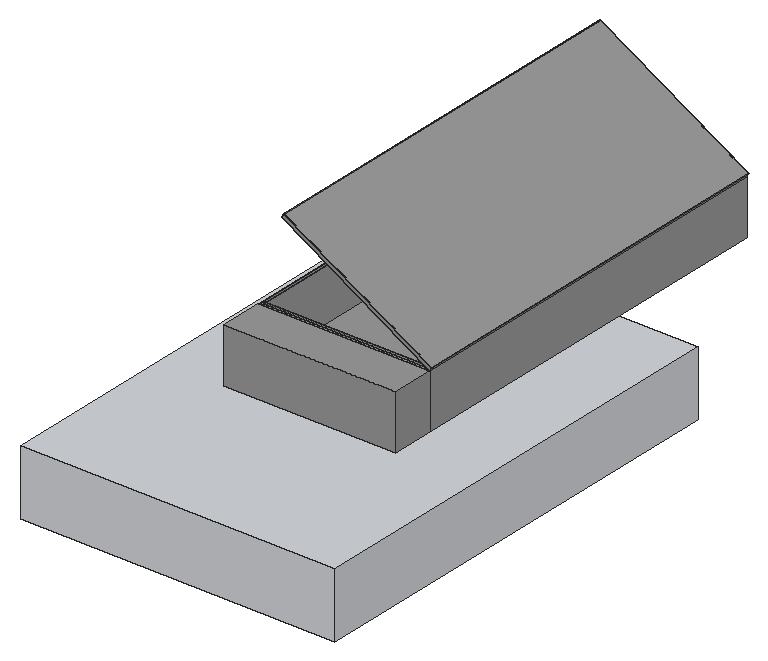
Revit family "Hager-Univers-IP55-D275-H2050-Cl.II-Steel_encl-PL-pl", category Equipement électrique, Revit 2020
Family settings
  Hôte = Face
  Configuration du panneau = Deux colonnes, circuits au sein
  Cote de connecteur circulaire = Utiliser le diamètre
  Type d'élément = Tableau de raccordement
  Couper avec des vides une fois chargée = Non
  Partagée = Non
  Point de calcul de pièce = Non
Parameters (values of type "Montaż podłogowy IP55 S800 W2050 G275  - FR23S2")
  Width Control [instance] = if([EF000008 - Szerokość] > Min Width, [EF000008 - Szerokość], Min Width)  # 800 mm
  Commentaires du type = [HG000003 - Zakres]  # "Univers"
  Thickness Door [instance] = if([EF009171 - Drzwi/pokrywa z materiału o wysokiej wytrzymałości mechanicznej] > 3 mm, 3 mm, [EF009171 - Drzwi/pokrywa z materiału o wysokiej wytrzymałości mechanicznej])  # 1.5 mm
  Seal Frame Offset [instance] = 17 mm  # constant formula
  Plinth Visibility [instance] = [HG000027 - Wysokość cokołu] > 0 mm  # yes
  Model = ""
  Min Width [instance] = 100 mm  # constant formula
  Min Height [instance] = 100 mm  # constant formula
  Min Depth [instance] = (2 * [EF009170 - Obudowa z materiału o wysokiej wytrzymałości mechanicznej]) + 1 mm  # 4 mm
  Internal Frame Depth [instance] = (Door System Depth * 0.5)  # 9 mm
  Height Control [instance] = if([EF000040 - Wysokość] > Min Height, [EF000040 - Wysokość], Min Height)  # 2050 mm
  HG000027 - Wysokość cokołu = 200 mm
  HG000026 - Stojąca = yes
  HG000024 - Wysokość części dolnej = 800 mm
  HG000023 - Obudowa dwusekcyjna = no
  HG000016 - Widoczność drzwi w widoku 3D [instance] = yes
  HG000015 - Przestrzeń robocza - otwarcie drzwi [instance] = no
  HG000014 - Drzwi prawe [instance] = yes
  HG000013 - Drzwi lewe [instance] = not([HG000014 - Drzwi prawe])  # no
  HG000012 - Kąt otwarcia drzwi [instance] = 30.00°
  HG000010 - Drzwi asymetryczne = no
  HG000009 - Drzwi dwuskrzydłowe = no
  HG000006 - Montaż podtynkowy = no
  HG000004 - Referencja producenta = "FR23S2"
  HG000003 - Zakres = "Univers"
  HG000002 - Z drzwiami lub pokrywą = yes
  Frame Offset Bottom [instance] = 10 mm  # constant formula
  Frame Offset [instance] = 15 mm  # constant formula
  EF015940 - Pokrywa z wyzwalaczem nadciśnieniowym = no
  EF011959 - Stopień ochrony (NEMA) = ""
  EF009554 - Liczba otworów pod flansze = 6
  Fabricant = "Hager"  # constant formula
  EF009212 - Wykonanie pokrywy = "EV000116 - Zamknięty"
  EF009171 - Drzwi/pokrywa z materiału o wysokiej wytrzymałości mechanicznej = 1.5 mm
  EF009170 - Obudowa z materiału o wysokiej wytrzymałości mechanicznej = 1.5 mm
  EF008873 - Prąd znamionowy (In) = 800 A
  EF007800 - Do ochrony odgromowej = no
  EF006306 - Z zamkiem = no
  EF006244 - Transparentna pokrywa/drzwi = no
  EF005474 - Stopień ochrony (IP) = "EV006420 - IP55"
  EF004464 - Rodzaj drzwi = "EV002646 - Pojedynczy"
  EF004427 - Liczba modułów = 432
  EF004293 - Odporność udarowa = "EV008784 - IK10"
  EF003532 - Do zastosowań zewnętrznych = no
  EF002950 - Szerokość wyrażona liczbą modułów = 24
  EF001613 - Podtrzymanie funkcji = "EV000494 - Brak"
  EF001596 - Materiał obudowy = "EV000179 - Stal"
  EF001131 - Głębokość wewnętrzna = 275 mm
  EF001088 - Możliwość rozbudowy = yes
  EF000437 - Liczba wejść kablowych = 6
  EF000339 - Rodzaj pokrywy = "EV004216 - Drzwi"
  EF000266 - Liczba rzędów = 12
  EF000218 - Głębokość wbudowania = 0 mm
  EF000118 - Z płytą montażową = no
  EF000116 - Numer RAL = "7035"
  EF000049 - Głębokość = 275 mm
  EF000040 - Wysokość = 2050 mm
  EF000008 - Szerokość = 800 mm
  EF000007 - Kolor = "EV000270 - Szary"
  EF000003 - Sposób montażu = "EV012274 - Montaż podłogowy"
  Door System Leaf Tolerance [instance] = 1.5 mm  # constant formula
  Door System Depth [instance] = 18 mm  # constant formula
  Door Height [instance] = Height Control - [HG000027 - Wysokość cokołu]  # 1850 mm
  Depth Control [instance] = if([EF000049 - Głębokość] > Min Depth, [EF000049 - Głębokość], Min Depth)  # 275 mm
  Default Elevation = 0 mm
  Connector Offset [instance] = Height Control / 2  # 1025 mm
  Bottom Top Plate Trim [instance] = 1.5 mm  # constant formula
  Plinth height Ctrl [instance] = if([HG000027 - Wysokość cokołu] > 0 mm, [HG000027 - Wysokość cokołu], 12 mm)  # 200 mm
Types (11, lengths in mm): name | Width Control | HG000010 - Drzwi asymetryczne | HG000009 - Drzwi dwuskrzydłowe | HG000004 - Referencja producenta | EF009554 - Liczba otworów pod flansze | EF006244 - Transparentna pokrywa/drzwi | EF004464 - Rodzaj drzwi | EF004427 - Liczba modułów | EF000437 - Liczba wejść kablowych | EF000008 - Szerokość
  Montaż podłogowy IP55 S1050 W2050 G275  - FR24L2 | 1050 | yes | yes | "FR24L2" | 8 | yes | "EV003602 - Podwójny" | 576 | 8 | 1050
  Montaż podłogowy IP55 S1050 W2050 G275  - FR24S2 | 1050 | yes | yes | "FR24S2" | 8 | no | "EV003602 - Podwójny" | 576 | 8 | 1050
  Montaż podłogowy IP55 S1300 W2050 G275  - FR25L2 | 1300 | yes | yes | "FR25L2" | 10 | yes | "EV003602 - Podwójny" | 720 | 10 | 1300
  Montaż podłogowy IP55 S1300 W2050 G275  - FR25S2 | 1300 | yes | yes | "FR25S2" | 10 | no | "EV003602 - Podwójny" | 720 | 10 | 1300
  Montaż podłogowy IP55 S1550 W2050 G275  - FR26L2 | 1550 | yes | yes | "FR26L2" | 12 | yes | "EV003602 - Podwójny" | 864 | 12 | 1550
  Montaż podłogowy IP55 S1550 W2050 G275  - FR26S2 | 1550 | yes | yes | "FR26S2" | 12 | no | "EV003602 - Podwójny" | 864 | 12 | 1550
  Montaż podłogowy IP55 S300 W2050 G275  - FR21S2 | 300 | no | no | "FR21S2" | 2 | no | "EV002646 - Pojedynczy" | 144 | 2 | 300
  Montaż podłogowy IP55 S550 W2050 G275  - FR22L2 | 550 | no | no | "FR22L2" | 4 | yes | "EV002646 - Pojedynczy" | 288 | 4 | 550
  Montaż podłogowy IP55 S550 W2050 G275  - FR22S2 | 550 | no | no | "FR22S2" | 4 | no | "EV002646 - Pojedynczy" | 288 | 4 | 550
  Montaż podłogowy IP55 S800 W2050 G275  - FR23L2 | 800 | no | no | "FR23L2" | 6 | yes | "EV002646 - Pojedynczy" | 432 | 6 | 800
  Montaż podłogowy IP55 S800 W2050 G275  - FR23S2 | 800 | no | no | "FR23S2" | 6 | no | "EV002646 - Pojedynczy" | 432 | 6 | 800
Reference planes
  plane 1 "Center (Front/Back)": y = 0
  plane 2: z = 0
  plane 3 "Center (Left/Right)": x = 0
  plane 4: z = 275
  plane 5: y = 201.5
  plane 6: y = 1125
  plane 7: y = 200
  plane 8: y = 2050
  plane 9: z = 0
  plane 10: x = -385
  plane 11: x = 385
  plane 12: x = 383.5
  plane 13: x = -383.5
  plane 14: y = 2048.5
  plane 15: x = -383
  plane 16: x = -400
  plane 17: x = 383
  plane 18: x = 400
  plane 19: x = 398.5
  plane 20: x = -398.5
  plane 21: y = 211.5
  plane 22: y = 2050
  plane 23: y = 2033.5
  plane 24: z = 257
  plane 25: z = 1.5
  plane 26: z = 255.5
  plane 27: z = 273.5
Forms (mm)
  Extrusion 1, solid
    sketch origin (0, 0, 0) x (1, 0, 0) y (0, 1, 0)
      loop
        line (-702.964, 1305) -> (-702.964, -811.445) -> (766.763, -811.445) -> (766.763, 1305) -> (-702.964, 1305)
    from 0 to -304.8
  Extrusion 2, solid, material "Hager_Steel_RAL7035_Light_Grey", visible <- "Plinth Visibility", detail levels medium+fine
    sketch origin (0, 0, 0) x (1, 0, 0) y (0, 1, 0)
      loop
        line (-400, 0) -> (400, 0) -> (400, 200) -> (-400, 200) -> (-400, 0)
    from 0 to 257
  Extrusion 3, solid, material "Hager_Steel_RAL7035_Light_Grey", detail levels medium+fine
    sketch origin (0, 0, 0) x (1, 0, 0) y (0, 1, 0)
      loop
        line (-400, 200) -> (400, 200) -> (400, 2050) -> (-400, 2050) -> (-400, 200)
    from 0 to 257
  Extrusion 4, void
    sketch origin (0, 0, 0) x (1, 0, 0) y (0, 1, 0)
      loop
        line (-398.5, 201.5) -> (398.5, 201.5) -> (398.5, 2048.5) -> (-398.5, 2048.5) -> (-398.5, 201.5)
    from 1.5 to 255.5
  Extrusion 5, void
    sketch origin (-381.607, -4572, 257) x (0, -1, 0) y (-1, 0, 0)
      loop
        line (-4783.5, 1.893) -> (-6605.5, 1.893) -> (-6605.5, -765.107) -> (-4783.5, -765.107) -> (-4783.5, 1.893)
    from 0 to 1.5 <- "EF009170 - Obudowa z materiału o wysokiej wytrzymałości mechanicznej"
  Extrusion 6, solid, material "Hager_Steel_RAL7035_Light_Grey", detail levels fine
    sketch origin (0, 0, 257) x (1, 0, 0) y (0, 1, 0)
      loop
        line (-383.5, 2033.5) -> (-383.5, 211.5) -> (383.5, 211.5) -> (383.5, 2033.5) -> (-383.5, 2033.5)
      loop
        line (-385, 210) -> (385, 210) -> (385, 2035) -> (-385, 2035) -> (-385, 210)
    from 0 to 9 <- "Internal Frame Depth"
  Extrusion 7, solid, material "Hager_Steel_RAL7035_Light_Grey", detail levels coarse
    sketch origin (0, 0, 0) x (1, 0, 0) y (0, 1, 0)
      loop
        line (-400, 0) -> (400, 0) -> (400, 2050) -> (-400, 2050) -> (-400, 0)
    from 0 to 275
  Sweep 8, void
    path in 3D
      loop
        line (-400, 200, 0) -> (400, 200, 0) -> (400, 200, 257) -> (-400, 200, 257) -> (-400, 200, 0)
    profile origin (-400, 200, 128.5) x (-1, 0, 0) y (0, -1, 0)
      loop
        line (0, 0) -> (0, 1.5) -> (-1.5, 1.5)
        arc (-1.5, 1.5) -> (-1.061, 0.439) -> (0, 0) r 1.5
Cuts and joins
  Extrusion 4, Extrusion 5 cuts Extrusion 3
  Sweep 8 cuts Extrusion 2
Lines and regions (mm)
  Masking region 1
    outline origin (0, 0, 0) x (1, 0, 0) y (0, 0, 1)
      loop
        line (-400, 275) -> (-400, 0) -> (400, 0) -> (400, 275) -> (-400, 275)
  Masking region 2, detail levels medium+fine
    outline origin (0, 140, 0) x (0, 1, 0) y (0, 0, 1)
      loop
        line (60, 0) -> (1910, 0) -> (1910, 257) -> (60, 257) -> (60, 0)
  Masking region 3, not visible, detail levels medium+fine
    outline origin (0, 297.922, 0) x (0, 1, 0) y (0, 0, 1)
      loop
        line (838.578, 0) -> (878.578, 0) -> (878.578, 263.5)
        arc (878.578, 263.5) -> (875.649, 270.571) -> (868.578, 273.5) r 10
        line (868.578, 273.5) -> (838.578, 273.5) -> (838.578, 0)
  Masking region 4, detail levels coarse
    outline origin (0, 0, 180) x (0, 1, 0) y (0, 0, 1)
      loop
        line (0, -180) -> (2050, -180) -> (2050, 95) -> (0, 95) -> (0, -180)
  Masking region 5, visible <- "Plinth Visibility", detail levels medium+fine
    outline origin (0, 52.24, 12.345) x (0, 0, -1) y (0, 1, 0)
      loop
        line (10.845, 147.76) -> (-243.155, 147.76)
        arc (-243.155, 147.76) -> (-243.594, 146.699) -> (-244.655, 146.26) r 1.5
        line (-244.655, 146.26) -> (-244.655, -52.24) -> (12.345, -52.24) -> (12.345, 146.26)
        arc (12.345, 146.26) -> (11.285, 146.699) -> (10.845, 147.76) r 1.5
  Masking region 6, detail levels medium+fine
    outline origin (-381.607, -4572, 257) x (-1, 0, 0) y (0, -1, 0)
      loop
        line (18.393, -6622) -> (18.393, -4772) -> (-781.607, -4772) -> (-781.607, -6622) -> (18.393, -6622)
  Masking region 7, visible <- "Plinth Visibility", detail levels medium+fine
    outline origin (-381.607, -4727, 257) x (-1, 0, 0) y (0, -1, 0)
      loop
        arc (16.893, -4927) -> (17.332, -4925.939) -> (18.393, -4925.5) r 1.5
        line (18.393, -4925.5) -> (18.393, -4727) -> (-781.607, -4727) -> (-781.607, -4925.5)
        arc (-781.607, -4925.5) -> (-780.546, -4925.939) -> (-780.107, -4927) r 1.5
        line (-780.107, -4927) -> (16.893, -4927)
  Masking region 8, detail levels coarse
    outline origin (-442.548, -4669.526, 257) x (-1, 0, 0) y (0, -1, 0)
      loop
        line (-42.548, -6719.526) -> (-42.548, -4669.526) -> (-842.548, -4669.526) -> (-842.548, -6719.526) -> (-42.548, -6719.526)
  sketch lines
    curve 1: line (-400, 200, 257) -> (-400, 200, 0)
    curve 2: line (400, 200, 257) -> (-400, 200, 257)
    curve 3: line (400, 200, 257) -> (400, 200, 0)
    curve 4: line (-400, 200, 0) -> (400, 200, 0)
Dimensions and locks
  "Depth Control": plane 4 to Extrusion 1
  "HG000027 - Wysokość cokołu": plane 1 "Center (Front/Back)" to plane 7
  "EF009170 - Obudowa z materiału o wysokiej wytrzymałości mechanicznej": plane 5 to plane 7
  locked: connector elem to plane 3 "Center (Left/Right)"
  equal spacing: plane 8, plane 6, plane 7
  locked: connector elem to plane 6
  "EF009170 - Obudowa z materiału o wysokiej wytrzymałości mechanicznej": plane 8 to plane 14
  "EF009170 - Obudowa z materiału o wysokiej wytrzymałości mechanicznej": plane 10 to plane 13
  "EF009170 - Obudowa z materiału o wysokiej wytrzymałości mechanicznej": plane 12 to plane 11
  "Frame Offset": plane 20 to plane 13
  "Frame Offset": plane 12 to plane 19
  "EF009170 - Obudowa z materiału o wysokiej wytrzymałości mechanicznej": plane 16 to plane 20
  "EF009170 - Obudowa z materiału o wysokiej wytrzymałości mechanicznej": plane 19 to plane 18
  "Seal Frame Offset": plane 16 to plane 15
  "Seal Frame Offset": plane 17 to plane 18
  "Frame Offset Bottom": plane 21 to plane 5
  "Frame Offset": plane 14 to plane 23
  equal spacing: plane 16, plane 3 "Center (Left/Right)", plane 18
  "Width Control": plane 16 to plane 18
  "EF009170 - Obudowa z materiału o wysokiej wytrzymałości mechanicznej": plane 4 to plane 27
  "EF009170 - Obudowa z materiału o wysokiej wytrzymałości mechanicznej": plane 24 to plane 26
  "EF009170 - Obudowa z materiału o wysokiej wytrzymałości mechanicznej": plane 25 to level
  "Door System Depth": plane 4 to plane 24
  "Height Control": plane 1 "Center (Front/Back)" to Extrusion 7 sketch curve
  "Height Control": Masking region 4 sketch curve to plane 1 "Center (Front/Back)"
  "Height Control": plane 1 "Center (Front/Back)" to plane 22
  "Bottom Top Plate Trim": profile plane to Sweep 8 sketch curve
  "Bottom Top Plate Trim": Sweep 8 sketch curve to profile plane
  "Plinth height Ctrl": plane 1 "Center (Front/Back)" to Extrusion 2 sketch curve
  "Plinth height Ctrl": Masking region 5 sketch curve to plane 1 "Center (Front/Back)"
  "Plinth height Ctrl": plane 1 "Center (Front/Back)" to Masking region 7 sketch curve
  "Thickness Door": Extrusion 6 sketch curve to Extrusion 6 sketch curve  (x3)
  "Thickness Door": cut or joined group of Extrusion 3, Extrusion 4, Extrusion 5 to Extrusion 6 sketch curve
  radius of Masking region 3 sketch curve = 10 mm
  "Bottom Top Plate Trim": radius of Masking region 5 sketch curve  (x2)
  "Bottom Top Plate Trim": radius of Sweep 8 sketch curve
  "Bottom Top Plate Trim": radius of Masking region 7 sketch curve  (x2)
  aligned and locked: plane 2 to Extrusion 1
  aligned and locked: level to Extrusion 1
  aligned and locked: level to Masking region 1 sketch curve
  aligned and locked: Masking region 1 sketch curve to plane 18
  aligned and locked: Masking region 1 sketch curve to plane 16
  aligned and locked: plane 7 to Masking region 2 sketch curve
  aligned and locked: level to Masking region 3 sketch curve
  aligned and locked: Masking region 3 sketch curve to plane 27
  aligned and locked: level to Masking region 2 sketch curve
  aligned and locked: plane 1 "Center (Front/Back)" to Extrusion 2 sketch curve
  aligned and locked: Extrusion 3 sketch curve to plane 7
  aligned and locked: plane 16 to Extrusion 3 sketch curve
  aligned and locked: plane 18 to Extrusion 3 sketch curve
  aligned and locked: plane 20 to Extrusion 4 sketch curve
  aligned and locked: plane 19 to Extrusion 4 sketch curve
  aligned and locked: Extrusion 4 sketch curve to plane 5
  aligned and locked: Extrusion 4 to plane 25
  aligned and locked: plane 26 to Extrusion 4
  aligned and locked: plane 24 to Extrusion 3
  aligned and locked: Extrusion 5 sketch curve to plane 21
  aligned and locked: Extrusion 5 sketch curve to plane 13
  aligned and locked: Extrusion 5 sketch curve to plane 12
  aligned and locked: plane 18 to Extrusion 7 sketch curve
  aligned and locked: plane 1 "Center (Front/Back)" to Extrusion 7 sketch curve
  aligned and locked: plane 16 to Extrusion 7 sketch curve
  aligned and locked: plane 4 to Extrusion 7
  aligned and locked: Extrusion 7 to level
  aligned and locked: level to Masking region 4 sketch curve
  aligned and locked: Masking region 4 sketch curve to plane 1 "Center (Front/Back)"
  aligned and locked: Masking region 4 sketch curve to plane 4
  aligned and locked: nested 1 to level
  aligned and locked: nested 1 to plane 16
  aligned and locked: plane 8 to Extrusion 3 sketch curve
  aligned and locked: plane 23 to Extrusion 5 sketch curve
  aligned and locked: plane 14 to Extrusion 4 sketch curve
  aligned and locked: Masking region 2 sketch curve to plane 8
  aligned and locked: level to Masking region 5 sketch curve
  aligned and locked: plane 16 to Extrusion 2 sketch curve
  aligned and locked: plane 18 to Extrusion 2 sketch curve
  aligned and locked: Masking region 5 sketch curve to plane 24
  aligned and locked: Masking region 2 sketch curve to plane 24
  aligned and locked: plane 24 to Extrusion 2
  aligned and locked: profile plane to Sweep 8 sketch curve  (x2)
  aligned and locked: Masking region 6 sketch curve to plane 18
  aligned and locked: Masking region 6 sketch curve to plane 22
  aligned and locked: Masking region 6 sketch curve to plane 16
  aligned and locked: plane 8 to plane 22
  aligned and locked: Masking region 6 sketch curve to plane 7
  aligned and locked: Masking region 7 sketch curve to plane 16
  aligned and locked: Masking region 7 sketch curve to plane 1 "Center (Front/Back)"
  aligned and locked: Masking region 7 sketch curve to plane 18
  aligned and locked: Masking region 8 sketch curve to plane 1 "Center (Front/Back)"
  aligned and locked: Masking region 8 sketch curve to plane 18
  aligned and locked: Masking region 8 sketch curve to plane 22
  aligned and locked: Masking region 8 sketch curve to plane 16
  aligned and locked: nested 2 to plane 7
  aligned and locked: plane 3 "Center (Left/Right)" to nested 2
  aligned and locked: nested 2 to plane 24
  aligned and locked: Extrusion 6 sketch curve to cut or joined group of Extrusion 3, Extrusion 4, Extrusion 5  (x4)
Automatic sketch dimensions
  Extrusion 1 sketch curve to Extrusion 1 sketch curve = 1469.727 mm
  Extrusion 1 sketch curve to Extrusion 1 sketch curve = 2116.445 mm
  Masking region 1 sketch curve to plane 4 = 0 mm
  plane 6 to Masking region 3 sketch curve = 11.5 mm
  Masking region 3 sketch curve to Masking region 3 sketch curve = 30 mm
  Masking region 5 sketch curve to plane 1 "Center (Front/Back)" = 0 mm
Nested families
  nested 1: "Hager_Enclosure_Symbol" at (-400, 0, 0) x (1, 0, 0) z (0, -1, 0), Height <- "Depth Control", Width <- "Width Control", type "Hager_Enclosure_Symbol"
    with Width_Ctrl 800 mm, Width 800 mm, Height_Ctrl 275 mm, Height 275 mm, A_Width_Int 18.047 mm, A_Width 216.562 mm, A_Height_Ctrl 240.625 mm, A_Height 240.625 mm
  nested 2: "EC000058_Univers_Door" at (0, 200, 257) x (1, 0, 0) z (0, 1, 0), Leaf_Tolerance <- "Door System Leaf Tolerance", Angle <- "HG000012 - Kąt otwarcia drzwi", Door_Depth <- "Door System Depth", Door_Left <- "HG000013 - Drzwi lewe", Transparent <- "EF006244 - Transparentna pokrywa/drzwi", Assymetrical <- "HG000010 - Drzwi asymetryczne", Width <- "Width Control", Clearance <- "HG000015 - Przestrzeń robocza - otwarcie drzwi", Double <- "HG000009 - Drzwi dwuskrzydłowe", 3d_Door <- "HG000016 - Widoczność drzwi w widoku 3D", Lock_Visibility <- "EF006306 - Z zamkiem", Width_Ctrl <- "Width Control", Door_Right <- "HG000014 - Drzwi prawe", Door <- "HG000002 - Z drzwiami lub pokrywą", Height <- "Door Height", Thickness <- "Thickness Door", type "EC000058_Univers_Door", detail levels medium+fine
    with min_wh 4 mm, Width_Ctrl 800 mm, Width 800 mm, Transparent no, Thickness 1.5 mm, Seal_Material Hager_Rubber, Lock_Visibility no, Lock_Material Hager_Plastic_RAL9005_Jet_Black, Leaf_Width 800 mm, Leaf_Tolerance_External_Sides 0 mm, Leaf_Tolerance 1.5 mm, Leaf_Offset 0 mm, Leaf_Height 1847 mm, Leaf_2_Width 800 mm, Leaf_2_Offset 400 mm, Leaf_1_Width 800 mm, Leaf_1_Offset 400 mm, Height_Ctrl 1850 mm, Height 1850 mm, Glass_Material Hager_Glass, Double_Clearance_Ctrl no, Double no, Door_Right_Ctrl yes, Door_Right yes, Door_Material Hager_Steel_RAL7035_Light_Grey, Door_Left_Ctrl no, Door_Left no, Door_Depth 18 mm, Door yes, Clearance_Material Hager_Clearance, Clearance_Depth 800 mm, Clearance_Ctrl no, Clearance no, Assymetrical no, Angle 30.00°, 3d_Door yes
Connectors
  electrical at (0, 1125, 0)
    settings: on plane 9, index 1, voltage 0 V, apparent load 0 VA, apparent load phase1 0 VA, apparent load phase2 0 VA, apparent load phase3 0 VA, power factor 1, load classification "Other", number of poles 1, system type 30, power factor state 1, is connector primary yes, connector utility no, sub classification motor no, connector description ""
Definition of nested family "EC000058_Univers_Door"
  Parameters (values of type "EC000058_Univers_Door")
    min_wh [instance] = (2 * Thickness) + 1 mm  # 11 mm
    Width_Ctrl [instance] = 400 mm
    Width [instance] = 500 mm
    Transparent [instance] = yes
    Thickness [instance] = 5 mm
    Seal_Material [instance] = none
    Lock_Visibility [instance] = yes
    Lock_Material [instance] = none
    Leaf_Width [instance] = if((Width_Ctrl - 2 * Leaf_Tolerance_External_Sides) > 0 mm, (Width_Ctrl - 2 * Leaf_Tolerance_External_Sides), min_wh)  # 400 mm
    Leaf_Tolerance_External_Sides [instance] = 0 mm  # constant formula
    Leaf_Tolerance [instance] = 1.5 mm
    Leaf_Offset [instance] = 0 mm  # constant formula
    Leaf_Height [instance] = if((Height_Ctrl - 2 * Leaf_Tolerance) > 0 mm, (Height_Ctrl - 2 * Leaf_Tolerance), min_wh)  # 497 mm
    Leaf_2_Width [instance] = if(and(and(Double, Assymetrical), Door_Left), (Leaf_Width / 3) - (Leaf_Tolerance / 2), if(and(and(Double, Assymetrical), Door_Right), (Leaf_Width / 3) * 2 - (Leaf_Tolerance / 2), if(and(Double, not(Assymetrical)), (Leaf_Width / 2) - Leaf_Tolerance, Leaf_Width)))  # 400 mm
    Leaf_2_Offset [instance] = if(and(Double, Assymetrical), Leaf_2_Width / 2, if(and(Double, not(Assymetrical)), Leaf_Width / 4, Leaf_Width / 2))  # 200 mm
    Leaf_1_Width [instance] = if(and(and(Double, Assymetrical), Door_Right), (Leaf_Width / 3) - (Leaf_Tolerance / 2), if(and(and(Double, Assymetrical), Door_Left), (Width / 3) * 2 - (Leaf_Tolerance / 2), if(and(Double, not(Assymetrical)), (Leaf_Width / 2) - Leaf_Tolerance, Leaf_Width)))  # 400 mm
    Leaf_1_Offset [instance] = if(and(Double, Assymetrical), Leaf_1_Width / 2, if(and(Double, not(Assymetrical)), Leaf_Width / 4, Leaf_Width / 2))  # 200 mm
    Height_Ctrl [instance] = if(Height > min_wh, Height, min_wh)  # 500 mm
    Height [instance] = 500 mm
    Glass_Material [instance] = none
    Double_Clearance_Ctrl [instance] = and(Double, Clearance)  # no
    Double [instance] = no
    Door_Right_Ctrl [instance] = and(or(Door_Right, Double), Door)  # yes
    Door_Right [instance] = yes
    Door_Material [instance] = none
    Door_Left_Ctrl [instance] = and(or(Door_Left, Double), Door)  # no
    Door_Left [instance] = no
    Door_Depth [instance] = 30 mm
    Door [instance] = yes
    Default Elevation = 1219.2 mm
    Clearance_Material [instance] = none
    Clearance_Depth [instance] = if(Leaf_1_Width > Leaf_2_Width, Leaf_1_Width, Leaf_2_Width)  # 400 mm
    Clearance_Ctrl [instance] = and(not(Double), Clearance)  # yes
    Clearance [instance] = yes
    Assymetrical [instance] = yes
    Angle [instance] = 30.00°
    3d_Door [instance] = yes
  Reference planes
    plane 1 "Center (Front/Back)": y = 0
    plane 2 "Bottom": z = 0
    plane 3 "Center (Left/Right)": x = 0
    plane 4: z = 500
    plane 5: x = -200
    plane 6: x = 200
    plane 7: z = 500
    plane 8: x = -200
    plane 9: z = 0
    plane 10: x = 200
    plane 11: y = 0
    plane 12: z = 1.5
    plane 13: x = -600
    plane 14: y = -400
    plane 15: x = 600
    plane 16: x = 0
    plane 17: x = 0
    plane 18: x = -200
    plane 19: x = 200
    plane 20: z = 498.5
  Forms (mm)
    Extrusion 1, solid, material <- "Clearance_Material", visible <- "Double_Clearance_Ctrl"
      sketch origin (1200, 0, 0) x (1, 0, 0) y (0, 0, -1)
        loop
          line (-1800, -498.5) -> (-600, -498.5) -> (-600, 0) -> (-1800, 0) -> (-1800, -498.5)
      from 0 to -400
  Dimensions and locks
    equal spacing: plane 5, plane 3 "Center (Left/Right)", plane 6
    "Width_Ctrl": plane 5 to plane 6
    "Leaf_Offset": plane 5 to plane 8
    "Leaf_Offset": plane 6 to plane 10
    "Leaf_Offset": plane 9 to level
    "Leaf_Offset": plane 4 to plane 7
    "Height_Ctrl": plane 4 to level
    "Leaf_Tolerance": plane 12 to plane 9
    locked: plane 11 to plane 1 "Center (Front/Back)"
    "Leaf_1_Offset": plane 18 to plane 16
    "Leaf_2_Offset": plane 17 to plane 19
    "Leaf_1_Width": plane 13 to plane 8
    "Leaf_2_Width": plane 10 to plane 15
    "Clearance_Depth": plane 14 to plane 1 "Center (Front/Back)"
    "Leaf_Tolerance_External_Sides": plane 8 to plane 18
    "Leaf_Tolerance_External_Sides": plane 19 to plane 10
    "Leaf_Tolerance": plane 7 to plane 20
    aligned and locked: level to plane 2 "Bottom"
    aligned and locked: nested 1 to plane 16
    aligned and locked: nested 2 to plane 17
    aligned and locked: Extrusion 1 to plane 13
    aligned and locked: plane 15 to Extrusion 1
    aligned and locked: Extrusion 1 to plane 14
    aligned and locked: plane 12 to nested 1
    aligned and locked: nested 2 to plane 12
    aligned and locked: Extrusion 1 to plane 11
    aligned and locked: plane 20 to Extrusion 1
    aligned and locked: nested 2 to plane 11
    aligned and locked: nested 1 to plane 11
  Automatic sketch dimensions
    Extrusion 1 sketch curve to level = 0 mm
    plane 5 to Extrusion 1 sketch curve = 400 mm
    plane 6 to Extrusion 1 sketch curve = 400 mm
    Extrusion 1 sketch curve to plane 4 = 1.5 mm
  Nested families
    nested 1: "EC000058_Univers_Door_Leaf" at (0, 0, 1.5), Width <- "Leaf_1_Width", visible <- "Door_Left_Ctrl", Leaf_Height <- "Leaf_Height", Angle <- "Angle", 3d_Door <- "3d_Door", Transparent <- "Transparent", Clearance Material <- "Clearance_Material", Clearance <- "Clearance_Ctrl", Door_Material <- "Door_Material", Glass_Material <- "Glass_Material", Door_Depth <- "Door_Depth", Lock_Material <- "Lock_Material", Seal_Material <- "Seal_Material", Lock_Visibility <- "Lock_Visibility", Thickness <- "Thickness", type "EC000058_Univers_Door_Leaf"
      with Width 400 mm, Transparent_Glass_Offset 30 mm, Transparent_Ctrl yes, Transparent yes, Thickness 5 mm, Standard no, Seal_Material none, Seal_D2 8 mm, Seal_D1 1 mm, Offset_Internal_Frame 10 mm, Lock_Width 20 mm, Lock_Visibility_3d yes, Lock_Visibility yes, Lock_Thickness_3 3 mm, Lock_Thickness_2 1 mm, Lock_Thickness_1 3 mm, Lock_Radius_Offset_2 16 mm, Lock_Radius_Offset_1 15 mm, Lock_Radius_2 5 mm, Lock_Radius 6 mm, Lock_Offset 5 mm, Lock_Material none, Lock_Height 80 mm, Lock_Cover_Top_Offset_2d 17 mm, Lock_Cover_Height -65 mm, Leaf_Height 497 mm, Internal_Seal_Thickness 8 mm, Internal_Seal_Depth_2 4.5 mm, Internal_Frame_Depth 25 mm, Glass_Thickness -1 mm, Glass_Offset -2 mm, Glass_Material none, Door_Material none, Door_Depth 30 mm, Clearance Material none, Clearance yes, Angle_Ctrl 30.00°, Angle 30.00°, 3d_Door yes
    nested 2: "EC000058_Univers_Door_Leaf" at (0, 0, 1.5) x (-1, 0, 0) z (0, 0, 1), Width <- "Leaf_2_Width", visible <- "Door_Right_Ctrl", Leaf_Height <- "Leaf_Height", Angle <- "Angle", 3d_Door <- "3d_Door", Transparent <- "Transparent", Clearance Material <- "Clearance_Material", Clearance <- "Clearance_Ctrl", Door_Material <- "Door_Material", Glass_Material <- "Glass_Material", Door_Depth <- "Door_Depth", Lock_Material <- "Lock_Material", Seal_Material <- "Seal_Material", Lock_Visibility <- "Lock_Visibility", Thickness <- "Thickness", type "EC000058_Univers_Door_Leaf"
      with Width 400 mm, Transparent_Glass_Offset 30 mm, Transparent_Ctrl yes, Transparent yes, Thickness 5 mm, Standard no, Seal_Material none, Seal_D2 8 mm, Seal_D1 1 mm, Offset_Internal_Frame 10 mm, Lock_Width 20 mm, Lock_Visibility_3d yes, Lock_Visibility yes, Lock_Thickness_3 3 mm, Lock_Thickness_2 1 mm, Lock_Thickness_1 3 mm, Lock_Radius_Offset_2 16 mm, Lock_Radius_Offset_1 15 mm, Lock_Radius_2 5 mm, Lock_Radius 6 mm, Lock_Offset 5 mm, Lock_Material none, Lock_Height 80 mm, Lock_Cover_Top_Offset_2d 17 mm, Lock_Cover_Height -65 mm, Leaf_Height 497 mm, Internal_Seal_Thickness 8 mm, Internal_Seal_Depth_2 4.5 mm, Internal_Frame_Depth 25 mm, Glass_Thickness -1 mm, Glass_Offset -2 mm, Glass_Material none, Door_Material none, Door_Depth 30 mm, Clearance Material none, Clearance yes, Angle_Ctrl 30.00°, Angle 30.00°, 3d_Door yes
  Definition of nested family "EC000058_Univers_Door_Leaf"
    Parameters (values of type "EC000058_Univers_Door_Leaf")
      Width [instance] = 2000 mm
      Transparent_Glass_Offset [instance] = 30 mm
      Transparent_Ctrl [instance] = and(Transparent, [3d_Door])  # yes
      Transparent [instance] = yes
      Thickness [instance] = 5 mm
      Standard [instance] = and(not(Transparent), [3d_Door])  # no
      Seal_Material [instance] = none
      Seal_D2 [instance] = 8 mm  # constant formula
      Seal_D1 [instance] = 1 mm  # constant formula
      Offset_Internal_Frame [instance] = 10 mm  # constant formula
      Lock_Width [instance] = 20 mm  # constant formula
      Lock_Visibility_3d [instance] = and(Lock_Visibility, [3d_Door])  # yes
      Lock_Visibility [instance] = yes
      Lock_Thickness_3 [instance] = 3 mm  # constant formula
      Lock_Thickness_2 [instance] = 1 mm  # constant formula
      Lock_Thickness_1 [instance] = 3 mm  # constant formula
      Lock_Radius_Offset_2 [instance] = Lock_Radius_Offset_1 + 1 mm  # 16 mm
      Lock_Radius_Offset_1 [instance] = 15 mm  # constant formula
      Lock_Radius_2 [instance] = Lock_Radius - 1 mm  # 5 mm
      Lock_Radius [instance] = 6 mm  # constant formula
      Lock_Offset [instance] = 5 mm  # constant formula
      Lock_Material [instance] = none
      Lock_Height [instance] = 80 mm  # constant formula
      Lock_Cover_Top_Offset_2d [instance] = Lock_Radius_Offset_2 + 1 mm  # 17 mm
      Lock_Cover_Height [instance] = -(Lock_Height - Lock_Radius_Offset_1)  # -65 mm
      Leaf_Height [instance] = 2720.336 mm
      Internal_Seal_Thickness [instance] = 8 mm  # constant formula
      Internal_Seal_Depth_2 [instance] = 4.5 mm  # constant formula
      Internal_Frame_Depth [instance] = if(Door_Depth - Thickness > 5 mm, Door_Depth - Thickness, 5 mm)  # 25 mm
      Glass_Thickness [instance] = if(Thickness > 15 mm, Glass_Offset + 10 mm, -1 mm)  # -1 mm
      Glass_Offset [instance] = if(Thickness > 15 mm, -(Thickness + 10 mm) / 2, -2 mm)  # -2 mm
      Glass_Material [instance] = none
      Door_Material [instance] = none
      Door_Depth [instance] = 30 mm
      Default Elevation = 0 mm
      Clearance Material [instance] = none
      Clearance [instance] = yes
      Angle_Ctrl [instance] = if(Angle > 180.00°, 180.00°, Angle)  # 90.00°
      Angle [instance] = 90.00°
      3d_Door [instance] = yes
    Reference planes
      plane 1 "Center (Front/Back)": y = 0
      plane 2: z = 0
      plane 3 "Center (Left/Right)": x = 0
      plane 4: y = 2000
      plane 5: x = -1000
      plane 6: x = 1000
      plane 7: x = -3000
      plane 8: z = 2720.336
      plane 9: z = 30
      plane 10: z = 2690.336
      plane 11: x = 970
      plane 12: x = -970
      plane 13: y = -3
      plane 14: z = 107.833
      plane 15: y = -5
      plane 16: y = -223.314
      plane 17: x = -1000
      plane 18: z = 1360.168
      plane 19: y = 30
    Forms (mm)
      Extrusion 1, solid, material <- "Clearance Material", visible <- "Clearance"
        sketch origin (0, 0, 0) x (1, 0, 0) y (0, 0, 1)
          loop
            line (-3000, 2720.336) -> (-3000, 0) -> (1000, 0) -> (1000, 2720.336) -> (-3000, 2720.336)
        from 0 to -2000
      Extrusion 2, solid, material <- "Door_Material", visible <- "Standard", detail levels medium+fine
        sketch origin (-1000, 0, 0) x (0, 1, 0) y (-1, 0, 0)
          loop
            line (0, 30) -> (0, 25) -> (2000, 25) -> (2000, 30) -> (0, 30)
        from 0 to 2720.336 <- "Leaf_Height"
      Extrusion 3, solid, material <- "Door_Material", visible <- "Transparent_Ctrl", detail levels medium+fine
        sketch origin (-1000, 0, 0) x (0, 1, 0) y (-1, 0, 0)
          loop
            line (0, 25) -> (2000, 25) -> (2000, 30) -> (0, 30) -> (0, 25)
        from 0 to 2720.336 <- "Leaf_Height"
      Extrusion 4, void
        sketch origin (-1025, 2000, 0) x (0, 1, 0) y (0, 0, -1)
          loop
            line (-30, -2690.336) -> (-30, -30) -> (-1970, -30) -> (-1970, -2690.336) -> (-30, -2690.336)
        from 0 to 5 <- "Thickness"
      Sweep 5, solid, material <- "Seal_Material", visible <- "Transparent_Ctrl", detail levels fine
        path in 3D
          loop
            line (-1025, 30, 30) -> (-1025, 30, 2690.336) -> (-1025, 1970, 2690.336) -> (-1025, 1970, 30) -> (-1025, 30, 30)
        profile origin (-1025, 1000, 30) x (1, 0, 0) y (0, 0, 1)
          loop
            line (0, 0) -> (0, -8) -> (1, -8) -> (1, 0) -> (0, 0)
      Extrusion 6, solid, material <- "Glass_Material", visible <- "Transparent_Ctrl", detail levels medium+fine
        sketch origin (-1030, 0, 0) x (0, 1, 0) y (0, 0, -1)
          loop
            line (1970, -2690.336) -> (1970, -30) -> (30, -30) -> (30, -2690.336) -> (1970, -2690.336)
        from -2 <- "Glass_Offset" to -1 <- "Glass_Thickness"
      Extrusion 7, solid, material <- "Door_Material", visible <- "3d_Door", detail levels medium+fine
        sketch origin (-1025, 2000, 0) x (0, -1, 0) y (0, 0, -1)
          loop
            line (0, -2720.336) -> (2000, -2720.336) -> (2000, 0) -> (0, 0) -> (0, -2720.336)
          loop
            line (1995, -5) -> (5, -5) -> (5, -2715.336) -> (1995, -2715.336) -> (1995, -5)
        from 0 to 25 <- "Internal_Frame_Depth"
      Sweep 8, solid, material <- "Seal_Material", visible <- "Transparent_Ctrl", detail levels fine
        path in 3D
          loop
            line (-1025, 0, 0) -> (-1025, 2000, 0) -> (-1025, 2000, 2720.336) -> (-1025, 0, 2720.336) -> (-1025, 0, 0)
        profile origin (-1025, 0, 1360.168) x (1, 0, 0) y (0, 1, 0)
          loop
            line (0, 10) -> (2.975, 10)
            arc (2.975, 10) -> (4.053, 10.447) -> (4.5, 11.525) r 1.525
            line (4.5, 11.525) -> (4.5, 16.527)
            arc (4.5, 16.527) -> (4.069, 17.569) -> (3.027, 18) r 1.473
            line (3.027, 18) -> (0, 18) -> (0, 10)
      Extrusion 9, solid, material <- "Lock_Material", visible <- "Lock_Visibility_3d", detail levels fine
        sketch origin (-1030, 0, 0) x (0, 1, 0) y (0, 0, -1)
          loop
            arc (1993.5, -1400.168) -> (1994.561, -1399.729) -> (1995, -1398.668) r 1.5
            line (1995, -1398.668) -> (1995, -1320.168) -> (1975, -1320.168) -> (1975, -1398.668)
            arc (1975, -1398.668) -> (1975.439, -1399.729) -> (1976.5, -1400.168) r 1.5
            line (1976.5, -1400.168) -> (1993.5, -1400.168)
        from 3 <- "Lock_Thickness_1" to 0
      Blend 10, solid, material <- "Lock_Material", visible <- "Lock_Visibility_3d", detail levels fine
        base sketch origin (-1033, 0, 0) x (0, 1, 0) y (0, 0, -1)
          loop
            line (1975, -1320.168) -> (1975, -1398.668)
            arc (1975, -1398.668) -> (1975.439, -1399.729) -> (1976.5, -1400.168) r 1.5
            line (1976.5, -1400.168) -> (1993.5, -1400.168)
            arc (1993.5, -1400.168) -> (1994.561, -1399.729) -> (1995, -1398.668) r 1.5
            line (1995, -1398.668) -> (1995, -1320.168) -> (1975, -1320.168)
        top sketch origin (-1033, 0, 0) x (0, 1, 0) y (0, 0, -1)
          loop
            line (1976, -1320.168) -> (1976, -1398.668)
            arc (1976, -1398.668) -> (1976.146, -1399.022) -> (1976.5, -1399.168) r 0.5
            line (1976.5, -1399.168) -> (1993.5, -1399.168)
            arc (1993.5, -1399.168) -> (1993.854, -1399.022) -> (1994, -1398.668) r 0.5
            line (1994, -1398.668) -> (1994, -1320.168) -> (1976, -1320.168)
        from 0 to 1 <- "Lock_Thickness_2"
      Blend 11, solid, material <- "Lock_Material", visible <- "Lock_Visibility_3d", detail levels fine
        base sketch origin (-1034, 0, 0) x (0, 1, 0) y (0, 0, -1)
          loop
            line (1978, -1320.168) -> (1978, -1384.168)
            arc (1978, -1384.168) -> (1985, -1391.168) -> (1992, -1384.168) r 7
            line (1992, -1384.168) -> (1992, -1320.168) -> (1978, -1320.168)
        top sketch origin (-1034, 0, 0) x (0, 1, 0) y (0, 0, -1)
          loop
            line (1991, -1320.168) -> (1979, -1320.168) -> (1979, -1383.168)
            arc (1979, -1383.168) -> (1985, -1389.168) -> (1991, -1383.168) r 6
            line (1991, -1383.168) -> (1991, -1320.168)
        from 0 to 3 <- "Lock_Thickness_3"
      Extrusion 12, solid, material <- "Lock_Material", visible <- "Lock_Visibility_3d", detail levels fine
        sketch origin (-1030, 1975, 1320.168) x (1, 0, 0) y (0, -1, 0)
          loop
            line (-7, -19) -> (-7, -1) -> (0, -1) -> (0, 0) -> (-8, 0) -> (-8, -20) -> (0, -20) -> (0, -19) -> (-7, -19)
        from 0 to -65 <- "Lock_Cover_Height"
      Extrusion 13, void
        sketch origin (-1038, 1995, 1320.168) x (-1, 0, 0) y (0, 0, -1)
          loop
            line (-5, -65) -> (0, -65) -> (-5, -60) -> (-5, -65)
        from 0 to 20 <- "Lock_Width"
      Extrusion 14, void
        sketch origin (-1038, 1975, 1320.168) x (0, -1, 0) y (0, 0, -1)
          loop
            circle (-10, -15.995) r 6
          loop
            circle (-10, -15.995) r 5
        from 0 to 2
      Extrusion 15, solid, material <- "Lock_Material", visible <- "Lock_Visibility_3d", detail levels medium
        sketch origin (-1030, 0, 0) x (0, 1, 0) y (0, 0, -1)
          loop
            arc (1993.5, -1400.168) -> (1994.561, -1399.729) -> (1995, -1398.668) r 1.5
            line (1995, -1398.668) -> (1995, -1320.168) -> (1975, -1320.168) -> (1975, -1398.668)
            arc (1975, -1398.668) -> (1975.439, -1399.729) -> (1976.5, -1400.168) r 1.5
            line (1976.5, -1400.168) -> (1993.5, -1400.168)
        from 8 to 0
    Cuts and joins
      Extrusion 4 cuts Extrusion 3
      Extrusion 13, Extrusion 14 cuts Extrusion 9
      Extrusion 14 cuts Blend 11
      Extrusion 13, Extrusion 14 cuts Extrusion 12
      joined: Extrusion 9, Blend 10, Blend 11, Extrusion 12
      Extrusion 14 cuts Extrusion 15
    Lines and regions (mm)
      Masking region 1, visible <- "Lock_Visibility", detail levels fine
        outline origin (0, 0, 0) x (0, 1, 0) y (0, 0, 1)
          loop
            line (30, 1320.168) -> (33, 1320.168) -> (33, 1400.168) -> (30, 1400.168) -> (30, 1320.168)
      Masking region 2, visible <- "Lock_Visibility", detail levels fine
        outline origin (0, 3.143, 0) x (0, 1, 0) y (0, 0, 1)
          loop
            line (29.857, 1354.168) -> (30.857, 1354.168) -> (30.857, 1366.168) -> (29.857, 1366.168) -> (29.857, 1354.168)
      Masking region 3, detail levels medium+fine
        outline origin (0, 0, 0) x (0, 1, 0) y (0, 0, 1)
          loop
            line (0, 0) -> (30, 0) -> (30, 2720.336) -> (0, 2720.336) -> (0, 0)
      Masking region 4, detail levels medium+fine
        outline origin (0, 0, 0) x (1, 0, 0) y (0, 0, 1)
          loop
            line (-1000, 2720.336) -> (-1000, 0) -> (1000, 0) -> (1000, 2720.336) -> (-1000, 2720.336)
      Masking region 5, visible <- "Lock_Visibility", detail levels fine
        outline origin (-47.116, 0, 0) x (1, 0, 0) y (0, 0, 1)
          loop
            arc (1024.616, 1399.168) -> (1023.556, 1398.729) -> (1023.116, 1397.668) r 1.5
            line (1023.116, 1397.668) -> (1023.116, 1320.168) -> (1041.116, 1320.168) -> (1041.116, 1397.668)
            arc (1041.116, 1397.668) -> (1040.677, 1398.729) -> (1039.616, 1399.168) r 1.5
            line (1039.616, 1399.168) -> (1024.616, 1399.168)
      Masking region 6, visible <- "Lock_Visibility", detail levels medium+fine
        outline origin (-25, 0, 0) x (1, 0, 0) y (0, 0, 1)
          loop
            arc (1001.5, 1400.168) -> (1000.439, 1399.729) -> (1000, 1398.668) r 1.5
            line (1000, 1398.668) -> (1000, 1320.168) -> (1020, 1320.168) -> (1020, 1398.668)
            arc (1020, 1398.668) -> (1019.561, 1399.729) -> (1018.5, 1400.168) r 1.5
            line (1018.5, 1400.168) -> (1001.5, 1400.168)
      Masking region 7, visible <- "Lock_Visibility", detail levels fine
        outline origin (-73.735, 0, 0) x (1, 0, 0) y (0, 0, 1)
          loop
            line (1051.735, 1382.168) -> (1065.735, 1382.168) -> (1065.735, 1384.168)
            arc (1065.735, 1384.168) -> (1058.735, 1391.168) -> (1051.735, 1384.168) r 7
            line (1051.735, 1384.168) -> (1051.735, 1382.168)
      Masking region 8, visible <- "Lock_Visibility", detail levels fine
        outline origin (-73.735, 0, 0) x (1, 0, 0) y (0, 0, 1)
          loop
            line (1052.735, 1382.168) -> (1064.735, 1382.168) -> (1064.735, 1383.168)
            arc (1064.735, 1383.168) -> (1058.735, 1389.168) -> (1052.735, 1383.168) r 6
            line (1052.735, 1383.168) -> (1052.735, 1382.168)
      Masking region 9, visible <- "Lock_Visibility", detail levels fine
        outline origin (-25, 0, 0) x (1, 0, 0) y (0, 0, 1)
          loop
            line (1020, 1320.168) -> (1020, 1382.168) -> (1000, 1382.168) -> (1000, 1320.168) -> (1020, 1320.168)
      Masking region 10, detail levels medium+fine
        outline origin (0, 0, 0) x (1, 0, 0) y (0, 0, 1)
          loop
            circle (985, 1335.144) r 6
      Masking region 11, detail levels fine
        outline origin (0, 0, 0) x (1, 0, 0) y (0, 0, 1)
          loop
            circle (985, 1335.144) r 5
      Masking region 12, visible <- "Lock_Visibility", detail levels fine
        outline origin (0, 12.767, 0) x (0, 1, 0) y (0, 0, 1)
          loop
            line (20.233, 1320.168) -> (21.233, 1320.168) -> (21.233, 1399.168) -> (20.233, 1400.168) -> (20.233, 1320.168)
      Masking region 13, visible <- "Lock_Visibility", detail levels fine
        outline origin (0, 13.767, -10) x (0, 1, 0) y (0, 0, 1)
          loop
            line (20.233, 1330.168) -> (23.233, 1330.168) -> (23.233, 1399.168) -> (20.233, 1402.168) -> (20.233, 1330.168)
      Masking region 14, visible <- "Lock_Visibility", detail levels fine
        outline origin (0, 12.767, -10) x (0, 1, 0) y (0, 0, 1)
          loop
            line (20.233, 1330.168) -> (25.233, 1330.168) -> (25.233, 1399.305) -> (20.233, 1394.305) -> (20.233, 1330.168)
      Masking region 15, visible <- "Lock_Visibility", detail levels medium
        outline origin (0, 0, 0) x (0, 1, 0) y (0, 0, 1)
          loop
            line (30, 1320.168) -> (38, 1320.168) -> (38, 1400.168) -> (30, 1400.168) -> (30, 1320.168)
      Masking region 16, visible <- "Lock_Visibility", detail levels fine
        outline origin (-1000, 0, 0) x (0, 1, 0) y (-1, 0, 0)
          loop
            line (1975, 30) -> (1995, 30) -> (1995, 38) -> (1975, 38) -> (1975, 30)
          loop
            line (1979, 37) -> (1976, 37) -> (1976, 34) -> (1978, 34) -> (1979, 37)
          loop
            line (1994, 37) -> (1991, 37) -> (1992, 34) -> (1994, 34) -> (1994, 37)
      Masking region 17, visible <- "Lock_Visibility", detail levels medium
        outline origin (-1000, 0, 0) x (0, 1, 0) y (-1, 0, 0)
          loop
            line (1975, 30) -> (1995, 30) -> (1995, 38) -> (1975, 38) -> (1975, 30)
      symbolic lines
        curve 1: line (1000, 0, 0) -> (-3000, 0, 0)
        curve 2: arc (1000, 0, 0) -> (-1000, 2000, 0) -> (-3000, 0, 0) r 2000
        curve 4: line (-1030, 0, 0) -> (-1030, 2000, 0)
      reference lines
        curve 3: line (-1000, 0, 0) -> (-1000, 2000, 0)
      symbolic lines, detail levels medium+fine
        curve 5: line (-1030, 2000, 0) -> (-1025, 2000, 0)
        curve 7: line (-1025, 0, 0) -> (-1030, 0, 0)
        curve 8: line (-1025, 0, 0) -> (-1000, 0, 0)
        curve 9: line (-1000, 0, 0) -> (-1000, 2000, 0)
        curve 10: line (-1000, 2000, 0) -> (-1025, 2000, 0)
      symbolic lines, detail levels fine
        curve 6: line (-1025, 2000, 0) -> (-1025, 0, 0)
      sketch lines
        curve 11: line (-1025, 0, 2720.336) -> (-1025, 0, 0)
        curve 12: line (-1025, 2000, 0) -> (-1025, 0, 0)
        curve 13: line (-1025, 2000, 2720.336) -> (-1025, 2000, 0)
        curve 14: line (-1025, 0, 2720.336) -> (-1025, 2000, 2720.336)
        curve 15: line (-1025, 1970, 30) -> (-1025, 30, 30)
        curve 16: line (-1025, 30, 30) -> (-1025, 30, 2690.336)
        curve 17: line (-1025, 1970, 2690.336) -> (-1025, 1970, 30)
        curve 18: line (-1025, 30, 2690.336) -> (-1025, 1970, 2690.336)
      symbolic lines, visible <- "Transparent", detail levels medium+fine
        curve 19: line (-970, 0, 2690.336) -> (970, 0, 2690.336)
        curve 20: line (-970, 0, 30) -> (-970, 0, 2690.336)
        curve 21: line (970, 0, 30) -> (-970, 0, 30)
        curve 22: line (970, 0, 2690.336) -> (970, 0, 30)
    Dimensions and locks
      "Width": plane 1 "Center (Front/Back)" to plane 4
      equal spacing: plane 5, plane 3 "Center (Left/Right)", plane 6
      "Width": plane 5 to plane 6
      "Width": plane 7 to plane 5
      "Leaf_Height": plane 8 to level
      "Width": curve 5 to curve 3
      "Width": curve 3 to curve 3
      plane 8 to plane 10 = 30 mm
      plane 9 to level = 30 mm
      plane 12 to plane 5 = 30 mm
      plane 6 to plane 11 = 30 mm
      Extrusion 1 to Extrusion 4 sketch curve = 30 mm
      "Transparent_Glass_Offset": curve 3 to Extrusion 4 sketch curve
      "Transparent_Glass_Offset": Extrusion 4 sketch curve to cut or joined group of Extrusion 3, Extrusion 4  (x2)
      cut or joined group of Extrusion 3, Extrusion 4 to Extrusion 6 sketch curve = 30 mm
      "Transparent_Glass_Offset": cut or joined group of Extrusion 3, Extrusion 4 to Extrusion 4 sketch curve
      "Thickness": curve 6 to curve 4
      "Thickness": Extrusion 7 sketch curve to Extrusion 7 sketch curve  (x4)
      "Door_Depth": curve 4 to curve 3
      "Offset_Internal_Frame": profile plane to Sweep 8 sketch curve
      "Internal_Seal_Thickness": Sweep 8 sketch curve to Sweep 8 sketch curve
      "Internal_Seal_Depth_2": profile plane to Sweep 8 sketch curve
      "Seal_D1": profile plane to Sweep 5 sketch curve
      "Seal_D2": profile plane to Sweep 5 sketch curve
      "Thickness": Extrusion 2 sketch curve to Extrusion 2 sketch curve
      equal spacing: Extrusion 9 sketch curve, plane 18, Extrusion 9 sketch curve  (x2)
      equal spacing: Masking region 1 sketch curve, plane 18, Masking region 1 sketch curve
      "Lock_Height": Masking region 1 sketch curve to Masking region 1 sketch curve
      "Lock_Radius": Masking region 2 sketch curve to plane 18 to Masking region 2 sketch curve
      Masking region 2 sketch curve to Masking region 1 = 1 mm
      "Door_Depth": plane 19 to plane 1 "Center (Front/Back)"
      "Lock_Thickness_1": Masking region 1 sketch curve to plane 19
      "Lock_Width": Extrusion 9 sketch curve to Extrusion 9 sketch curve
      "Lock_Height": Extrusion 9 sketch curve to Extrusion 9 sketch curve
      "Lock_Offset": cut or joined group of Extrusion 3, Extrusion 4 to Extrusion 9 sketch curve
      equal spacing: plane 8, plane 18, level
      "Lock_Radius_Offset_1": Blend 11 sketch curve to Blend 10
      locked: Blend 10 to Blend 11 sketch curve at 2  (x2)
      locked: var sketch to Blend 11 sketch curve at 1  (x2)
      "Lock_Radius_Offset_2": Blend 11 sketch curve to Blend 10
      locked: Extrusion 12 sketch curve to Extrusion 12 sketch curve at 1  (x3)
      Masking region 6 sketch curve to Masking region 6 sketch curve = 80 mm
      "Lock_Height": Masking region 6 sketch curve to Masking region 6 sketch curve
      "Lock_Width": Masking region 6 sketch curve to Masking region 6 sketch curve
      locked: Masking region 6 to Masking region 5 sketch curve at 1  (x3)
      locked: Masking region 5 to Masking region 7 sketch curve at 2  (x2)
      "Lock_Radius_Offset_1": Masking region 5 to Masking region 7 sketch curve
      "Lock_Radius_Offset_2": Masking region 5 to Masking region 8 sketch curve
      locked: Masking region 7 to Masking region 8 sketch curve at 1  (x2)
      "Lock_Cover_Top_Offset_2d": Masking region 5 to Masking region 9 sketch curve
      equal spacing: Masking region 9, Masking region 10 sketch curve, Masking region 9
      equal spacing: Masking region 9, Masking region 11 sketch curve, Masking region 9
      Extrusion 15 sketch curve to Extrusion 15 sketch curve = 80 mm
      "Lock_Width": Extrusion 15 sketch curve to Extrusion 15 sketch curve
      "Lock_Height": Extrusion 15 sketch curve to Extrusion 15 sketch curve
      equal spacing: Extrusion 15 sketch curve, plane 18, Extrusion 15 sketch curve
      "Lock_Thickness_3": Masking region 13 sketch curve to Masking region 13 sketch curve
      "Lock_Height": Masking region 12 sketch curve to Masking region 12 sketch curve
      locked: Masking region 13 sketch curve to Masking region 1 at 8
      locked: Masking region 14 sketch curve to Masking region 13 at 1
      locked: Masking region 14 sketch curve to Masking region 1 at 10.863
      "Lock_Height": Masking region 15 sketch curve to Masking region 15 sketch curve
      "Lock_Offset": Extrusion 15 sketch curve to cut or joined group of Extrusion 3, Extrusion 4
      "Lock_Offset": plane 6 to Masking region 6 sketch curve
      radius of Sweep 8 sketch curve = 1.525 mm
      radius of Sweep 8 sketch curve = 1.473 mm
      radius of Extrusion 9 sketch curve = 1.5 mm  (x2)
      "Lock_Radius": radius of Extrusion 14 sketch curve
      "Lock_Radius_2": radius of Extrusion 14 sketch curve
      "Lock_Radius": radius of Masking region 10 sketch curve
      "Lock_Radius_2": radius of Masking region 11 sketch curve
      radius of Extrusion 15 sketch curve = 1.5 mm  (x2)
      "Angle_Ctrl": angle plane 1 "Center (Front/Back)" to curve 3
      locked: Masking region 12 sketch curve to Masking region 12 sketch curve (angle 45.00°)
      locked: Masking region 13 sketch curve to Masking region 13 sketch curve (angle 45.00°)
      locked: Masking region 14 sketch curve to Masking region 14 sketch curve (angle 45.00°)
      aligned and locked: level to plane 2
      aligned and locked: Extrusion 1 to curve 1
      aligned and locked: plane 6 to Extrusion 1
      aligned and locked: Extrusion 1 to plane 1 "Center (Front/Back)"
      aligned and locked: plane 4 to Extrusion 1
      aligned and locked: plane 8 to Extrusion 1
      aligned and locked: curve 7 to Extrusion 2 sketch curve
      aligned and locked: curve 5 to Extrusion 2 sketch curve
      aligned and locked: curve 7 to Extrusion 3 sketch curve
      aligned and locked: Extrusion 3 sketch curve to curve 4
      aligned and locked: Extrusion 3 sketch curve to curve 6
      aligned and locked: Extrusion 3 sketch curve to curve 5
      aligned and locked: curve 9 to curve 3
      aligned and locked: Extrusion 7 sketch curve to cut or joined group of Extrusion 3, Extrusion 4  (x4)
      aligned and locked: plane 17 to curve 3
      aligned and locked: plane 1 "Center (Front/Back)" to curve 3
      aligned and locked: plane 17 to plane 5
      aligned and locked: Sweep 8 sketch curve to profile plane
      aligned and locked: Sweep 5 sketch curve to profile plane  (x2)
      aligned and locked: Masking region 1 to Masking region 2 sketch curve
      aligned and locked: plane 19 to Masking region 1 sketch curve
      aligned and locked: plane 1 "Center (Front/Back)" to Masking region 3 sketch curve
      aligned and locked: plane 19 to Masking region 3 sketch curve
      aligned and locked: level to Masking region 3 sketch curve
      aligned and locked: Masking region 3 sketch curve to plane 8
      aligned and locked: plane 17 to Masking region 4 sketch curve
      aligned and locked: level to Masking region 4 sketch curve
      aligned and locked: Masking region 4 sketch curve to plane 8
      aligned and locked: plane 12 to curve 20
      aligned and locked: plane 10 to curve 19
      aligned and locked: plane 11 to curve 22
      aligned and locked: curve 21 to plane 9
      aligned and locked: Extrusion 2 sketch curve to cut or joined group of Extrusion 3, Extrusion 4
      aligned and locked: Blend 10 sketch curve to Extrusion 9  (x4)
      aligned and locked: Extrusion 9 to Blend 10 sketch curve
      aligned and locked: Blend 10 to Blend 11 sketch curve
      aligned and locked: Extrusion 12 sketch curve to Blend 11
      aligned and locked: Extrusion 12 sketch curve to Extrusion 9  (x4)
      aligned and locked: Masking region 5 sketch curve to Masking region 6
      aligned and locked: Masking region 9 sketch curve to Masking region 6  (x3)
      aligned and locked: Masking region 12 sketch curve to Masking region 1
      aligned and locked: Masking region 13 sketch curve to Masking region 1
      aligned and locked: Masking region 12 to Masking region 14
      aligned and locked: Masking region 14 sketch curve to Masking region 1
      aligned and locked: Masking region 15 sketch curve to Masking region 14
      aligned and locked: Masking region 13 sketch curve to Masking region 12
      aligned and locked: Masking region 16 sketch curve to cut or joined group of Extrusion 14, Extrusion 15  (x4)
      aligned and locked: Masking region 16 sketch curve to cut or joined group of Extrusion 9, Blend 10, Blend 11, Extrusion 12, Extrusion 13, Extrusion 14  (x6)
      aligned and locked: cut or joined group of Extrusion 9, Blend 10, Blend 11, Extrusion 12, Extrusion 13, Extrusion 14 to Masking region 16 sketch curve
      aligned and locked: Masking region 17 sketch curve to cut or joined group of Extrusion 14, Extrusion 15  (x3)
      aligned and locked: Masking region 17 sketch curve to cut or joined group of Extrusion 9, Blend 10, Blend 11, Extrusion 12, Extrusion 13, Extrusion 14
      aligned and locked: Masking region 9 to Masking region 8 sketch curve
      aligned and locked: Masking region 9 to Masking region 7 sketch curve
    Automatic sketch dimensions
      plane 1 "Center (Front/Back)" to curve 2 = 0 mm
      curve 2 to plane 5 = 0 mm
      Extrusion 1 sketch curve to level = 0 mm
      Extrusion 1 sketch curve to plane 7 = 0 mm
      Extrusion 1 sketch curve to plane 6 = 0 mm
      Extrusion 1 sketch curve to plane 8 = 0 mm
      Extrusion 3 to Extrusion 6 sketch curve = 30 mm  (x4)
      Masking region 4 sketch curve to plane 6 = 0 mm
      Blend 10 sketch curve to Extrusion 9 = 1.5 mm
      Blend 10 sketch curve to Extrusion 9 = 1 mm
      Extrusion 13 sketch curve to Extrusion 12 = 0 mm  (x2)
      Extrusion 12 to Extrusion 13 sketch curve = 3 mm
      Extrusion 13 sketch curve to Extrusion 12 = 5 mm
      Extrusion 14 sketch curve to Extrusion 14 sketch curve = 0 mm  (x2)
      Extrusion 14 sketch curve to Extrusion 12 = 10 mm
      Extrusion 14 sketch curve to Extrusion 12 = 15.995 mm
      Masking region 5 sketch curve to Masking region 5 sketch curve = 1.5 mm  (x2)
      Masking region 10 sketch curve to plane 18 = 25.024 mm
      Masking region 11 sketch curve to plane 18 = 25.024 mm
      plane 19 to Masking region 14 sketch curve = 3 mm
      Masking region 16 sketch curve to Masking region 16 sketch curve = 3 mm
      curve 4 to curve 3 = 0 mm
      Blend 10 to Blend 11 sketch curve = 0 mm
      Masking region 6 sketch curve to Masking region 6 sketch curve = 1.5 mm  (x2)
      Masking region 6 sketch curve to plane 18 = 40 mm
      plane 19 to Masking region 12 sketch curve = 3 mm
      Masking region 12 sketch curve to Masking region 12 sketch curve = 1 mm
      Masking region 15 sketch curve to plane 19 = 0 mm
      Masking region 15 sketch curve to plane 18 = 40 mm
      radius of Blend 10 sketch curve to Extrusion 9 = 1 mm
Definition of nested family "Hager_Enclosure_Symbol"
  Parameters (values of type "Hager_Enclosure_Symbol")
    Width_Ctrl [instance] = if(Width > 1 mm, Width, 1 mm)  # 102.27 mm
    Width [instance] = 102.27 mm
    Height_Ctrl [instance] = if(Height > 1 mm, Height, 1 mm)  # 66.5 mm
    A_Width_Int [instance] = if(A_Width / 12 > 2 mm, A_Width / 12, 2 mm)  # 4.364 mm
    A_Width [instance] = if(A_Height_Ctrl * 0.9 > 2 mm, A_Height_Ctrl * 0.9, 2 mm)  # 52.369 mm
    A_Height_Ctrl [instance] = if(A_Height > 2 mm, A_Height, 2 mm)  # 58.188 mm
    Height [instance] = 66.5 mm
    A_Height [instance] = Height - (Height / 8)  # 58.188 mm
  Reference planes
    plane 1 "Centre (avant/arrière)": y = 0
    plane 2: z = 0
    plane 3 "Centre (gauche/droite)": x = 0
    plane 4: x = 52.369
    plane 5: y = 33.042
    plane 6: y = 41.77
    plane 7: y = 66.5
    plane 8: x = 26.184
    plane 9: y = 37.406
    plane 10: x = 102.27
    plane 11: y = 66.5
    plane 12: y = 8.313
  Lines and regions (mm)
    Filled region 1, type "Solid_Black", in view "Niveau de réf."
      outline origin (0, 0, 0) x (1, 0, 0) y (0, 1, 0)
        loop
          line (52.369, 66.5) -> (33.188, 54.536) -> (45.365, 45.006) -> (52.369, 66.5)
    Filled region 2, type "Solid_Black", in view "Niveau de réf."
      outline origin (0, 0, 0) x (1, 0, 0) y (0, 1, 0)
        loop
          line (0, 0) -> (102.27, 0) -> (102.27, 66.5) -> (0, 0)
    detail lines, in view "Niveau de réf."
      curve 1: line (0, 8.313, 0) -> (26.184, 41.77, 0)
      curve 2: line (26.184, 41.77, 0) -> (26.184, 33.042, 0)
      curve 3: line (26.184, 33.042, 0) -> (52.369, 66.5, 0)
  Dimensions and locks
    "A_Width": plane 3 "Centre (gauche/droite)" to plane 4
    equal spacing: plane 3 "Centre (gauche/droite)", plane 8, plane 4
    equal spacing: plane 6, plane 9, plane 5
    equal spacing: curve 3, Filled region 1 sketch curve, Filled region 1 sketch curve
    "Height_Ctrl": plane 1 "Centre (avant/arrière)" to plane 11
    "A_Height_Ctrl": plane 11 to plane 12
    equal spacing: plane 11, plane 9, plane 12
    "A_Width_Int": plane 6 to plane 9
    "Width_Ctrl": plane 3 "Centre (gauche/droite)" to plane 10
    angle Filled region 1 sketch curve to curve 3 = 20.00°
    angle curve 3 to Filled region 1 sketch curve = 20.00°
    locked: curve 3 to Filled region 1 sketch curve (angle 90.00°)
    aligned and locked: plane 10 to Filled region 2
    aligned and locked: plane 11 to Filled region 2 sketch curve
    aligned and locked: plane 10 to Filled region 2 sketch curve
    aligned and locked: plane 3 "Centre (gauche/droite)" to curve 1
    aligned and locked: plane 12 to curve 1
    aligned and locked: plane 7 to plane 11
  Automatic sketch dimensions
    Filled region 1 sketch curve to plane 4 = 0 mm
    Filled region 1 sketch curve to plane 7 = 0 mm
    plane 1 "Centre (avant/arrière)" to Filled region 2 sketch curve = 0 mm
    Filled region 2 sketch curve to plane 3 "Centre (gauche/droite)" = 0 mm
    curve 2 to plane 6 = 0 mm
    curve 2 to plane 8 = 0 mm
    curve 3 to plane 4 = 0 mm
    curve 2 to plane 5 = 0 mm
    curve 3 to plane 7 = 0 mm
